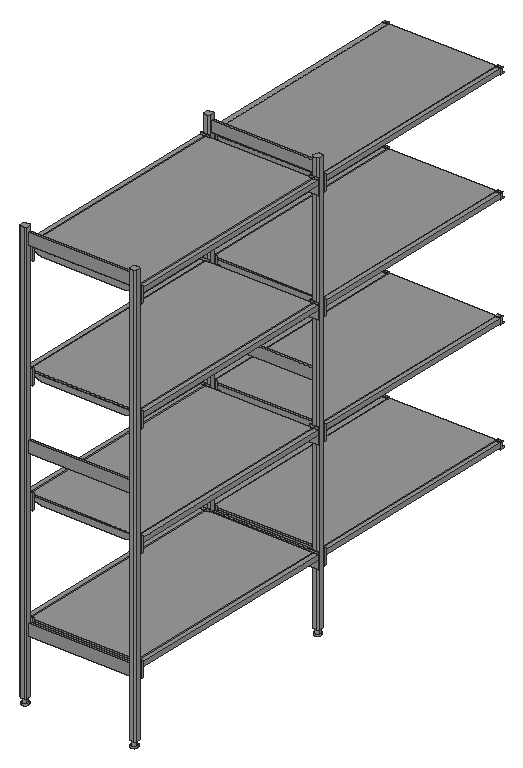
Revit family "QF_ZANUSSI_137082_CLS1840", category Attrezzature speciali, Revit 2020 (continued)
Definition of nested family "WT_Aggancio475"
  Dimensions and locks
    plane 9 "FEET" to level = 25.0 mm
    plane 5 "TOP" to plane 9 "FEET" = 1700.0 mm
    plane 10 to plane 9 "FEET" = 250.0 mm
    plane 11 to plane 10 = 450.0 mm
    plane 12 to plane 11 = 450.0 mm
    plane 13 to plane 12 = 450.0 mm
    locked: plane 3 "BACK" to plane 15 "CYBack" at 17.5
    locked: plane 16 "CYFront" to plane 4 "FRONT" at 17.5
    aligned and locked: level to plane 1
    aligned and locked: Extrusion 1 sketch curve to Extrusion 1 sketch curve  (x3)
  Automatic sketch dimensions
    plane 16 "CYFront" to Extrusion 1 sketch curve = 1.478 mm  (x4)
    Extrusion 1 sketch curve to Extrusion 1 sketch curve = 2.0 mm
    plane 8 to Extrusion 1 sketch curve = 3.478 mm  (x4)
    Extrusion 1 sketch curve to plane 10 = 4.006 mm
    Extrusion 1 sketch curve to Extrusion 1 sketch curve = 34.0 mm  (x4)
    Extrusion 1 sketch curve to plane 11 = 4.006 mm
    Extrusion 1 sketch curve to plane 12 = 4.006 mm
    Extrusion 1 sketch curve to plane 13 = 4.006 mm
    Extrusion 1 sketch curve to plane 7 = 37.522 mm  (x4)
    Extrusion 1 sketch curve to plane 7 = 3.522 mm  (x4)
    plane 14 to Extrusion 1 sketch curve = 3.516 mm  (x4)
    plane 14 to Extrusion 1 sketch curve = 1.522 mm  (x4)
    plane 10 to Extrusion 1 sketch curve = 7.998 mm  (x2)
    Extrusion 1 sketch curve to Extrusion 1 sketch curve = 11.498 mm  (x4)
    Extrusion 1 sketch curve to Extrusion 1 sketch curve = 6.499 mm  (x8)
    plane 11 to Extrusion 1 sketch curve = 7.998 mm  (x2)
    plane 12 to Extrusion 1 sketch curve = 7.998 mm  (x2)
    plane 13 to Extrusion 1 sketch curve = 7.998 mm  (x2)
    plane 2 "LEFT" to Extrusion 2 sketch curve = 0.0 mm  (x4)
    plane 13 to Extrusion 2 sketch curve = 7.996 mm
    plane 11 to Extrusion 2 sketch curve = 7.996 mm
    Extrusion 2 sketch curve to Extrusion 2 sketch curve = 5.0 mm  (x4)
    plane 11 to Extrusion 2 sketch curve = 2.494 mm
    plane 10 to Extrusion 2 sketch curve = 28.996 mm
    Extrusion 2 sketch curve to Extrusion 2 sketch curve = 3.0 mm  (x4)
    plane 10 to Extrusion 2 sketch curve = 7.996 mm
    plane 10 to Extrusion 2 sketch curve = 2.494 mm
    Extrusion 2 sketch curve to Extrusion 2 sketch curve = 18.0 mm  (x3)
    plane 12 to Extrusion 2 sketch curve = 2.494 mm
    plane 12 to Extrusion 2 sketch curve = 7.996 mm
    plane 13 to Extrusion 2 sketch curve = 2.494 mm
    plane 2 "LEFT" to Extrusion 3 sketch curve = 0.0 mm  (x4)
    plane 13 to Extrusion 3 sketch curve = 7.996 mm
    plane 11 to Extrusion 3 sketch curve = 7.996 mm
    Extrusion 3 sketch curve to Extrusion 3 sketch curve = 5.0 mm  (x4)
    plane 11 to Extrusion 3 sketch curve = 2.494 mm
    plane 10 to Extrusion 3 sketch curve = 28.996 mm
    Extrusion 3 sketch curve to Extrusion 3 sketch curve = 3.0 mm  (x4)
    plane 10 to Extrusion 3 sketch curve = 7.996 mm
    plane 10 to Extrusion 3 sketch curve = 2.494 mm
    Extrusion 3 sketch curve to Extrusion 3 sketch curve = 18.0 mm  (x3)
    plane 12 to Extrusion 3 sketch curve = 2.494 mm
    plane 12 to Extrusion 3 sketch curve = 7.996 mm
    plane 13 to Extrusion 3 sketch curve = 2.494 mm
    plane 2 "LEFT" to curve 1 = 5.0 mm
    plane 2 "LEFT" to curve 7 = 5.0 mm
    curve 1 to plane 16 "CYFront" = 17.5 mm
    curve 3 to plane 8 = 12.522 mm
    plane 7 to curve 5 = 12.478 mm
    curve 7 to plane 14 = 17.5 mm
    curve 5 to curve 5 = 4.0 mm
    curve 1 to curve 4 = 4.0 mm
    Extrusion 2 sketch curve to Extrusion 2 sketch curve = 4.0 mm  (x4)
    Extrusion 2 sketch curve to Extrusion 2 sketch curve = 8.969 mm  (x4)
    Extrusion 3 sketch curve to Extrusion 3 sketch curve = 4.0 mm  (x4)
    Extrusion 3 sketch curve to Extrusion 3 sketch curve = 8.969 mm  (x4)
